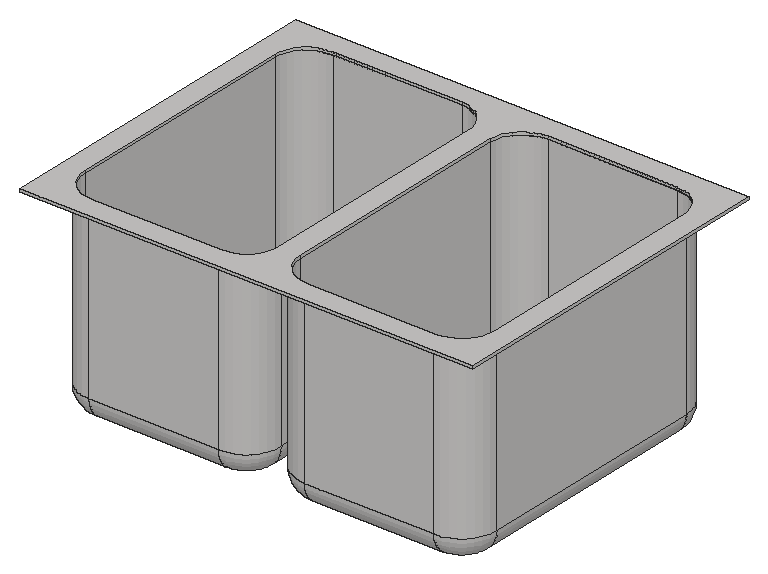
Revit family "QF_Vollrath_9102-1", category Specialty Equipment, Revit 2016
Family settings
  Part Type = Normal
  Round Connector Dimension = Use Diameter
  OmniClass Number = 23.40.40.14.31
  OmniClass Title = Cleaning and Disposal Equipment
  Work Plane-Based = Yes
  Always vertical = Yes
  Cut with Voids When Loaded = No
  Shared = No
  Room Calculation Point = No
Parameters
  Width = 1' - 9"
  Weight in Pounds = 0
  Watermarked By = "http://revitwatermark.com"
  URL Cutsheet = ""
  Status [instance] = ""
  Specification by User [instance] = ""
  Specification by Manufacturer [instance] = ""
  Sink Width = 1' - 7"
  Sink Depth = 1' - 2"
  Sink Basin Depth = 0' - 9 1/4"
  Serial Number [instance] = ""
  Seismic Rating [instance] = ""
  SMACNA No [instance] = ""
  Revision Code [instance] = ""
  NAFEM Spec ID Number [instance] = ""
  Model = "9102-1"
  Masterspec [instance] = ""
  Manufacturer = "Vollrath"
  Item Number [instance] = "-"
  Installed By [instance] = ""
  Indirect Waste Size = 2"
  Indirect Waste Flow [instance] = 0.00 GPM
  Indirect Waste Connection Type [instance] = ""
  Indirect Waste Connection Height [instance] = 0' - 0"
  Furnished By [instance] = ""
  Foodservice Equipment Identifier [instance] = yes
  Description = "Undermount Sink"  # constant formula
  Depth = 1' - 4"
  Default Elevation = 4' - 0"
  CSI MasterFormat = ""
Reference planes (in)
  plane 1 "BACK": y = 0
  plane 2 "BOTTOM": z = 0
  plane 3 "LEFT": x = 0
  plane 4 "RIGHT": x = 21
  plane 5 "FRONT": y = -16
  plane 6: x = 10.5
  plane 7: y = -8
  plane 8: y = -1
  plane 9: y = -15
  plane 10: x = 1
  plane 11: x = 20
  plane 12 "Sink Bottom": z = -9.25
  plane 13: x = 10
  plane 14: x = 11
  plane 15: x = 5.5
  plane 16: x = 15.5
  plane 17: y = -5.6875
Forms (in)
  Extrusion 1, solid, material "QF_Finishes_Stainless Steel"
    sketch origin (0, 0, 0) x (1, 0, 0) y (0, 1, 0)
      loop
        line (0, -16) -> (21, -16) -> (21, 0) -> (0, 0) -> (0, -16)
      loop
        arc (2.5, -1) -> (1.43934, -1.43934) -> (1, -2.5) r 1.5
        line (1, -2.5) -> (1, -13.5)
        arc (1, -13.5) -> (1.43934, -14.56066) -> (2.5, -15) r 1.5
        line (2.5, -15) -> (8.5, -15)
        arc (8.5, -15) -> (9.56066, -14.56066) -> (10, -13.5) r 1.5
        line (10, -13.5) -> (10, -2.5)
        arc (10, -2.5) -> (9.56066, -1.43934) -> (8.5, -1) r 1.5
        line (8.5, -1) -> (2.5, -1)
      loop
        arc (12.5, -1) -> (11.43934, -1.43934) -> (11, -2.5) r 1.5
        line (11, -2.5) -> (11, -13.5)
        arc (11, -13.5) -> (11.43934, -14.56066) -> (12.5, -15) r 1.5
        line (12.5, -15) -> (18.5, -15)
        arc (18.5, -15) -> (19.56066, -14.56066) -> (20, -13.5) r 1.5
        line (20, -13.5) -> (20, -2.5)
        arc (20, -2.5) -> (19.56066, -1.43934) -> (18.5, -1) r 1.5
        line (18.5, -1) -> (12.5, -1)
    from 0 to 0.125
  Sweep 2, solid, material "QF_Finishes_Stainless Steel"
    path in 3D
      loop
        arc (8.5, -1, 0.125) -> (9.56066, -1.43934, 0.125) -> (10, -2.5, 0.125) r 1.5
        line (10, -2.5, 0.125) -> (10, -13.5, 0.125)
        arc (10, -13.5, 0.125) -> (9.56066, -14.56066, 0.125) -> (8.5, -15, 0.125) r 1.5
        line (8.5, -15, 0.125) -> (2.5, -15, 0.125)
        arc (2.5, -15, 0.125) -> (1.43934, -14.56066, 0.125) -> (1, -13.5, 0.125) r 1.5
        line (1, -13.5, 0.125) -> (1, -2.5, 0.125)
        arc (1, -2.5, 0.125) -> (1.43934, -1.43934, 0.125) -> (2.5, -1, 0.125) r 1.5
        line (2.5, -1, 0.125) -> (8.5, -1, 0.125)
    profile origin (5.5, -1, 0.125) x (0, 1, 0) y (0, 0, 1)
      loop
        line (0.125, -0.125) -> (0, -0.125) -> (0, -8.25)
        arc (0, -8.25) -> (-0.29289, -8.95711) -> (-1, -9.25) r 1
        line (-1, -9.25) -> (-1, -9.375)
        arc (-1, -9.375) -> (-0.2045, -9.0455) -> (0.125, -8.25) r 1.125
        line (0.125, -8.25) -> (0.125, -0.125)
  Sweep 3, solid, material "QF_Finishes_Stainless Steel"
    path in 3D
      loop
        arc (18.5, -1, 0.125) -> (19.56066, -1.43934, 0.125) -> (20, -2.5, 0.125) r 1.5
        line (20, -2.5, 0.125) -> (20, -13.5, 0.125)
        arc (20, -13.5, 0.125) -> (19.56066, -14.56066, 0.125) -> (18.5, -15, 0.125) r 1.5
        line (18.5, -15, 0.125) -> (12.5, -15, 0.125)
        arc (12.5, -15, 0.125) -> (11.43934, -14.56066, 0.125) -> (11, -13.5, 0.125) r 1.5
        line (11, -13.5, 0.125) -> (11, -2.5, 0.125)
        arc (11, -2.5, 0.125) -> (11.43934, -1.43934, 0.125) -> (12.5, -1, 0.125) r 1.5
        line (12.5, -1, 0.125) -> (18.5, -1, 0.125)
    profile origin (15.5, -1, 0.125) x (0, 1, 0) y (0, 0, 1)
      loop
        line (0.125, -0.125) -> (0, -0.125) -> (0, -8.25)
        arc (0, -8.25) -> (-0.29289, -8.95711) -> (-1, -9.25) r 1
        line (-1, -9.25) -> (-1, -9.375)
        arc (-1, -9.375) -> (-0.2045, -9.0455) -> (0.125, -8.25) r 1.125
        line (0.125, -8.25) -> (0.125, -0.125)
  Extrusion 4, solid, material "QF_Finishes_Stainless Steel"
    sketch origin (0, 0, -9.25) x (-1, 0, 0) y (0, -1, 0)
      loop
        line (-8.5, 2) -> (-2.5, 2)
        arc (-2.5, 2) -> (-2.14645, 2.14645) -> (-2, 2.5) r 0.5
        line (-2, 2.5) -> (-2, 13.5)
        arc (-2, 13.5) -> (-2.14645, 13.85355) -> (-2.5, 14) r 0.5
        line (-2.5, 14) -> (-8.5, 14)
        arc (-8.5, 14) -> (-8.85355, 13.85355) -> (-9, 13.5) r 0.5
        line (-9, 13.5) -> (-9, 2.5)
        arc (-9, 2.5) -> (-8.85355, 2.14645) -> (-8.5, 2) r 0.5
      loop
        line (-12, 2.5) -> (-12, 13.5)
        arc (-12, 13.5) -> (-12.14645, 13.85355) -> (-12.5, 14) r 0.5
        line (-12.5, 14) -> (-18.5, 14)
        arc (-18.5, 14) -> (-18.85355, 13.85355) -> (-19, 13.5) r 0.5
        line (-19, 13.5) -> (-19, 2.5)
        arc (-19, 2.5) -> (-18.85355, 2.14645) -> (-18.5, 2) r 0.5
        line (-18.5, 2) -> (-12.5, 2)
        arc (-12.5, 2) -> (-12.14645, 2.14645) -> (-12, 2.5) r 0.5
      loop
        circle (-5.5, 5.6875) r 1.75
      loop
        circle (-15.5, 5.6875) r 1.75
    from 0 to 0.125
Lines and regions (in)
  sketch lines
    curve 1: line (2.5, -1, 0.125) -> (8.5, -1, 0.125)
    curve 2: arc (2.5, -1, 0.125) -> (1.43934, -1.43934, 0.125) -> (1, -2.5, 0.125) r 1.5
    curve 3: line (1, -13.5, 0.125) -> (1, -2.5, 0.125)
    curve 4: arc (1, -13.5, 0.125) -> (1.43934, -14.56066, 0.125) -> (2.5, -15, 0.125) r 1.5
    curve 5: line (8.5, -15, 0.125) -> (2.5, -15, 0.125)
    curve 6: arc (8.5, -15, 0.125) -> (9.56066, -14.56066, 0.125) -> (10, -13.5, 0.125) r 1.5
    curve 7: line (10, -2.5, 0.125) -> (10, -13.5, 0.125)
    curve 8: arc (10, -2.5, 0.125) -> (9.56066, -1.43934, 0.125) -> (8.5, -1, 0.125) r 1.5
    curve 9: line (12.5, -1, 0.125) -> (18.5, -1, 0.125)
    curve 10: arc (12.5, -1, 0.125) -> (11.43934, -1.43934, 0.125) -> (11, -2.5, 0.125) r 1.5
    curve 11: line (11, -13.5, 0.125) -> (11, -2.5, 0.125)
    curve 12: arc (11, -13.5, 0.125) -> (11.43934, -14.56066, 0.125) -> (12.5, -15, 0.125) r 1.5
    curve 13: line (18.5, -15, 0.125) -> (12.5, -15, 0.125)
    curve 14: arc (18.5, -15, 0.125) -> (19.56066, -14.56066, 0.125) -> (20, -13.5, 0.125) r 1.5
    curve 15: line (20, -2.5, 0.125) -> (20, -13.5, 0.125)
    curve 16: arc (20, -2.5, 0.125) -> (19.56066, -1.43934, 0.125) -> (18.5, -1, 0.125) r 1.5
  symbolic lines
    curve 17: line (0, 0, -9.25) -> (21, 0, -9.25)
    curve 18: line (0, -16, -9.25) -> (0, 0, -9.25)
    curve 19: line (21, -16, -9.25) -> (0, -16, -9.25)
    curve 20: line (21, 0, -9.25) -> (21, -16, -9.25)
  symbolic lines, style "QF_Surface Details"
    curve 21: circle (5.5, -5.6875, -9.25) r 1.75 normal (0, 0, -1)
    curve 22: circle (15.5, -5.6875, -9.25) r 1.75 normal (0, 0, -1)
    curve 23: line (8.5, -1, -9.25) -> (2.5, -1, -9.25)
    curve 24: arc (1, -2.5, -9.25) -> (1.43934, -1.43934, -9.25) -> (2.5, -1, -9.25) r 1.5
    curve 25: line (1, -2.5, -9.25) -> (1, -13.5, -9.25)
    curve 26: arc (2.5, -15, -9.25) -> (1.43934, -14.56066, -9.25) -> (1, -13.5, -9.25) r 1.5
    curve 27: line (2.5, -15, -9.25) -> (8.5, -15, -9.25)
    curve 28: arc (10, -13.5, -9.25) -> (9.56066, -14.56066, -9.25) -> (8.5, -15, -9.25) r 1.5
    curve 29: line (10, -13.5, -9.25) -> (10, -2.5, -9.25)
    curve 30: arc (8.5, -1, -9.25) -> (9.56066, -1.43934, -9.25) -> (10, -2.5, -9.25) r 1.5
    curve 31: arc (11, -2.5, -9.25) -> (11.43934, -1.43934, -9.25) -> (12.5, -1, -9.25) r 1.5
    curve 32: line (18.5, -1, -9.25) -> (12.5, -1, -9.25)
    curve 33: line (11, -2.5, -9.25) -> (11, -13.5, -9.25)
    curve 34: arc (12.5, -15, -9.25) -> (11.43934, -14.56066, -9.25) -> (11, -13.5, -9.25) r 1.5
    curve 35: line (12.5, -15, -9.25) -> (18.5, -15, -9.25)
    curve 36: arc (20, -13.5, -9.25) -> (19.56066, -14.56066, -9.25) -> (18.5, -15, -9.25) r 1.5
    curve 37: line (20, -13.5, -9.25) -> (20, -2.5, -9.25)
    curve 38: arc (18.5, -1, -9.25) -> (19.56066, -1.43934, -9.25) -> (20, -2.5, -9.25) r 1.5
Dimensions and locks (in)
  "Width": plane 3 "LEFT" to plane 4 "RIGHT"
  "Depth": plane 5 "FRONT" to plane 1 "BACK"
  "Sink Depth": plane 8 to plane 9
  equal spacing: plane 3 "LEFT", plane 6, plane 4 "RIGHT"
  equal spacing: plane 10, plane 6, plane 11
  "Sink Width": plane 10 to plane 11
  "Sink Basin Depth": level to plane 12 "Sink Bottom"
  equal spacing: plane 8, plane 7, plane 9
  plane 1 "BACK" to plane 8 = 0' - 1"
  plane 9 to plane 5 "FRONT" = 0' - 1"
  locked: plane 3 "LEFT" to plane 10 at 1
  plane 11 to plane 4 "RIGHT" = 0' - 1"
  plane 13 to plane 14 = 0' - 1"
  equal spacing: plane 10, plane 15, plane 13
  equal spacing: plane 14, plane 16, plane 11
  plane 8 to plane 17 = 0' - 4 11/16"
  aligned and locked: level to plane 2 "BOTTOM"
  aligned and locked: plane 5 "FRONT" to Extrusion 1 sketch curve
  aligned and locked: plane 4 "RIGHT" to Extrusion 1 sketch curve
  aligned and locked: Extrusion 1 sketch curve to plane 1 "BACK"
  aligned and locked: Extrusion 1 sketch curve to plane 8  (x2)
  aligned and locked: plane 10 to Extrusion 1 sketch curve
  aligned and locked: plane 9 to Extrusion 1 sketch curve  (x2)
  aligned and locked: Extrusion 1 sketch curve to plane 13
  aligned and locked: plane 14 to Extrusion 1 sketch curve
  aligned and locked: Extrusion 1 sketch curve to plane 11
  aligned and locked: Extrusion 4 sketch curve to Sweep 2  (x4)
  aligned and locked: Extrusion 4 sketch curve to Sweep 3  (x4)
Automatic sketch dimensions
  Extrusion 1 sketch curve to plane 3 "LEFT" = 0' - 0"
  Extrusion 1 sketch curve to plane 13 = 0' - 0"
  plane 10 to Extrusion 1 sketch curve = 0' - 1 1/2"  (x2)
  plane 9 to Extrusion 1 sketch curve = 0' - 1 1/2"  (x2)
  Extrusion 1 sketch curve to plane 8 = 0' - 1 1/2"
  plane 14 to Extrusion 1 sketch curve = 0' - 1 1/2"  (x2)
  Extrusion 1 sketch curve to plane 11 = 0' - 1 1/2"
  Sweep 2 sketch curve to Sweep 2 sketch curve = 0' - 0"
  Sweep 2 sketch curve to profile plane = 0' - 0"
  profile plane to Sweep 2 sketch curve = 0' - 1"
  Sweep 2 sketch curve to profile plane = 0' - 0 1/8"  (x2)
  Sweep 2 sketch curve to profile plane = 0' - 9 3/8"
  Sweep 3 sketch curve to Sweep 3 sketch curve = 0' - 0"
  Sweep 3 sketch curve to profile plane = 0' - 0"
  profile plane to Sweep 3 sketch curve = 0' - 1"
  Sweep 3 sketch curve to Sweep 3 sketch curve = 0' - 0 1/8"
  Sweep 3 sketch curve to profile plane = 0' - 9 3/8"
  Sweep 3 sketch curve to profile plane = 0' - 0 1/8"
  Extrusion 4 sketch curve to plane 16 = 0' - 0"
  Extrusion 4 sketch curve to plane 15 = 0' - 0"
  Extrusion 4 sketch curve to plane 17 = 0' - 0"  (x2)
  Extrusion 4 sketch curve to Extrusion 4 sketch curve = 0' - 0 1/2"  (x8)
  plane 1 "BACK" to curve 17 = 0' - 0"
  curve 17 to plane 4 "RIGHT" = 0' - 0"
  curve 22 to plane 16 = 0' - 0"
  curve 21 to plane 15 = 0' - 0"
  curve 18 to plane 3 "LEFT" = 0' - 0"
  curve 21 to plane 17 = 0' - 0"
  curve 22 to plane 17 = 0' - 0"
  plane 5 "FRONT" to curve 20 = 0' - 0"
  curve 23 to plane 8 = 0' - 0"
  curve 24 to plane 10 = 0' - 0"
  plane 10 to curve 24 = 0' - 1 1/2"
  plane 9 to curve 25 = 0' - 1 1/2"
  curve 26 to plane 9 = 0' - 0"
  curve 27 to plane 13 = 0' - 1 1/2"
  curve 28 to plane 13 = 0' - 0"
  curve 29 to plane 8 = 0' - 1 1/2"
  curve 32 to plane 8 = 0' - 0"
  curve 31 to plane 14 = 0' - 0"
  plane 14 to curve 31 = 0' - 1 1/2"
  curve 28 to curve 33 = 0' - 0"
  curve 34 to plane 9 = 0' - 0"
  curve 35 to plane 11 = 0' - 1 1/2"
  curve 36 to plane 11 = 0' - 0"
  curve 37 to plane 8 = 0' - 1 1/2"
  radius of Extrusion 4 sketch curve = 0' - 1 3/4"  (x2)
  radius of curve 21 = 0' - 1 3/4"
  radius of curve 22 = 0' - 1 3/4"
Connectors (in)
  piping at (5.5, -5.6875, -9.25), diameter 2, driven by "Indirect Waste Flow"
    settings: on Extrusion 4, index 1, connector inside diameter 2", connector length 0' - 0", flow factor 0, pipe flow 0.00 GPM, pressure drop 0.00 psi, fitting loss kfactor 0, connector angle 0.00°, fixture units 0, engagement length 0' - 0", angle of deflection 0.00°, flow configuration 1, flow direction 2, fitting loss method 0, system type 16, joint type 0, gender type 0, connector reference index -1, connector utility 0, adjustable connector no, is connector primary yes, connector description ""
  piping at (15.5, -5.6875, -9.25), diameter 2, driven by "Indirect Waste Flow"
    settings: on Extrusion 4, index 2, connector inside diameter 2", connector length 0' - 0", flow factor 0, pipe flow 0.00 GPM, pressure drop 0.00 psi, fitting loss kfactor 0, connector angle 0.00°, fixture units 0, engagement length 0' - 0", angle of deflection 0.00°, flow configuration 1, flow direction 2, fitting loss method 0, system type 16, joint type 0, gender type 0, connector reference index -1, connector utility 0, adjustable connector no, is connector primary no, connector description "IW"
